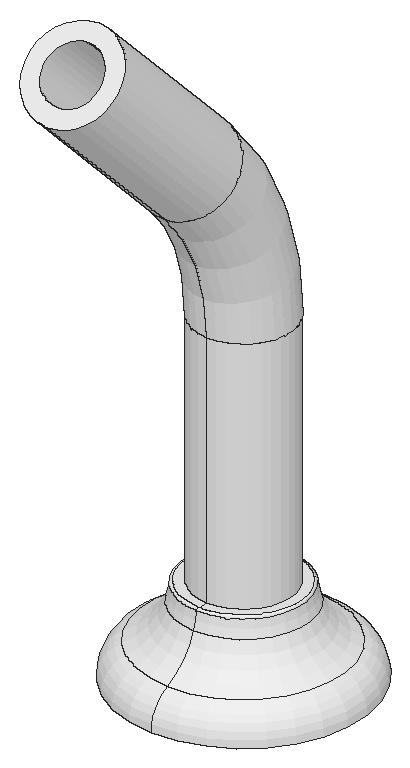
Revit family "xShower_Arm-American_Standard-Standard-1660.240", category Plumbing Fixtures, host Face, Revit 2014
Parameters (values of type "1660.240")
  Width = 2"
  Water Connection Radius = 1/4"
  Water Connection Diameter = 1/2"
  Waste Connection = no
  Warranty Information = "One Year Limited Warranty"  # constant formula
  WFU = 4
  Vent Connection = no
  URL = "https://www.americanstandard-us.com/"
  Type Comments = ""
  Product Page URL = "https://www.americanstandard-us.com/bathroom/shower-faucets/standard-shower-arm-16992"
  Product Documentation Link = "https://www.americanstandard-us.com/-/media/sites/asus/files/product-specs/bulk/specsheet1660240.pdf?la=en"
  Price = "Prices may vary. Please consult Manufacturer Representative for most up-to-date price list."  # constant formula
  Model = "1660.240"
  Material = "Brass-American Standard-002-Polished Chrome"
  Manufacturer = "American Standard"
  Length = 5 1/2"
  Installation Type = "Wall Mounted"  # constant formula
  HWFU = 3
  HW Connection = yes
  Finish = Brass-American Standard-002-Polished Chrome
  Description = "Standard Shower Arm"  # constant formula
  Default Elevation = 78"  # constant formula
  Creation Date = "01/25/2018"  # constant formula
  CWFU = 3
  CW Connection = yes
  Assembly Code = "D2010700"
Reference planes (in)
  plane 1 "Center (Front/Back)": y = 0
  plane 2: z = 0
  plane 3 "Center (Left/Right)": x = 0
  plane 4: z = 5.5
  plane 5: y = 0.25
  plane 6: y = -0.25
  plane 7: y = -1
  plane 8: y = 1
  plane 9: through (0, -1.85629, 5.5) normal (0, -0.7071, -0.7071)
Forms (in)
  Revolve 1, solid, material "Brass-American Standard-002-Polished Chrome" <- "Finish"
    sketch origin (0, 0, 0) x (0, 1, 0) y (0, 0, 1)
      loop
        line (0, 0) -> (0, 0.75) -> (-0.48483, 0.75)
        arc (-0.48483, 0.75) -> (-0.49942, 0.74433) -> (-0.50634, 0.7303) r 0.02158
        arc (-0.50634, 0.7303) -> (-0.5173, 0.65907) -> (-0.53747, 0.58989) r 0.55068
        arc (-0.53747, 0.58989) -> (-0.65105, 0.40544) -> (-0.82819, 0.28075) r 0.53787
        arc (-0.82819, 0.28075) -> (-0.95837, 0.16747) -> (-1, 0) r 0.28687
        line (-1, 0) -> (0, 0)
      axis (0, 0.75) -> (0, 0)
    angle from 0 to 360
  Sweep 2, solid, material "Brass-American Standard-002-Polished Chrome" <- "Finish"
    path origin (0, 0, 0) x (0, 1, 0) y (0, 0, 1)
      loop
        line (0, 0) -> (0, 2.81528)
        arc (0, 2.81528) -> (-0.15224, 3.58065) -> (-0.58579, 4.22949) r 2
        line (-0.58579, 4.22949) -> (-1.85629, 5.5)
    profile origin (0, 0, 1.40764) x (0, -1, 0) y (1, 0, 0)
      loop
        circle (0, 0) r 0.4
      loop
        circle (0, 0) r 0.25
Cuts and joins
  joined: Revolve 1, Sweep 2
Lines and regions (in)
  Masking region 1
    outline origin (0, 0, 0) x (1, 0, 0) y (0, 0, 1)
      loop
        spline (0.4, 5.5) -> (0.38637, 5.57321) -> (0.34641, 5.64142) -> (0.28284, 5.7) -> (0.2, 5.74495) -> (0.10353, 5.77321) -> (0, 5.78284) -> (-0.10353, 5.77321) -> (-0.2, 5.74495) -> (-0.28284, 5.7) -> (-0.34641, 5.64142) -> (-0.38637, 5.57321) -> (-0.4, 5.5)
        line (-0.4, 5.5) -> (-0.4, 0.75) -> (-0.50497, 0.75)
        arc (-0.50497, 0.75) -> (-0.57526, 0.50985) -> (-0.74317, 0.32431) r 0.5598
        arc (-0.74317, 0.32431) -> (-0.83892, 0.27469) -> (-0.91845, 0.20185) r 0.41061
        arc (-0.91845, 0.20185) -> (-0.97518, 0.10737) -> (-1, 0) r 0.35286
        line (-1, 0) -> (1, 0)
        arc (1, 0) -> (0.97518, 0.10737) -> (0.91845, 0.20185) r 0.35286
        arc (0.91845, 0.20185) -> (0.83892, 0.27469) -> (0.74317, 0.32431) r 0.41061
        arc (0.74317, 0.32431) -> (0.57526, 0.50985) -> (0.50497, 0.75) r 0.5598
        line (0.50497, 0.75) -> (0.4, 0.75) -> (0.4, 5.5)
  symbolic lines, detail levels medium+fine
    curve 1: line (0.4, 0, 0.75) -> (-0.4, 0, 0.75)
  symbolic lines, detail levels fine
    curve 2: line (0.74317, 0, 0.32431) -> (-0.75683, 0, 0.32431)
    curve 3: line (-0.91845, 0, 0.20185) -> (0.91845, 0, 0.20185)
Dimensions and locks (in)
  "Length": plane 2 to plane 4
  "Width": plane 8 to plane 7
  aligned and locked: plane 2 to host face
  aligned and locked: level to host face
  aligned and locked: Revolve 1 sketch curve to plane 1 "Center (Front/Back)"
Automatic sketch dimensions
  host sketch curve to host sketch curve = 96"  (x2)
  plane 4 to Sweep 2 sketch curve = 0"
  plane 9 to Sweep 2 sketch curve = 0"  (x2)
  Sweep 2 sketch curve to plane 1 "Center (Front/Back)" = 0"
  Sweep 2 sketch curve to level = 0"
  plane 7 to Sweep 2 sketch curve = 1"
  plane 6 to Sweep 2 sketch curve = 0.33579"
  Masking region 1 sketch curve to level = 0"
  Masking region 1 sketch curve to plane 4 = 0"
  Masking region 1 sketch curve to plane 3 "Center (Left/Right)" = 0"
  Masking region 1 sketch curve to Masking region 1 sketch curve = 0.4"
  Masking region 1 sketch curve to Masking region 1 sketch curve = 0.10497"  (x2)
  Masking region 1 sketch curve to level = 0.06191"  (x2)
  Masking region 1 sketch curve to plane 3 "Center (Left/Right)" = 0.60375"
  Masking region 1 sketch curve to level = 0.02481"  (x2)
  Masking region 1 sketch curve to Masking region 1 sketch curve = 0.04426"  (x2)
  Masking region 1 sketch curve to Masking region 1 sketch curve = 0.55881"  (x2)
  plane 3 "Center (Left/Right)" to Masking region 1 sketch curve = 0.60375"
  Masking region 1 sketch curve to Masking region 1 sketch curve = 0.35199"
  Masking region 1 sketch curve to Masking region 1 sketch curve = 0.54815"
  level to Masking region 1 sketch curve = 3/4"
  Masking region 1 sketch curve to Masking region 1 sketch curve = 0.0332"  (x2)
  level to Masking region 1 sketch curve = 0.32431"
  Masking region 1 sketch curve to Masking region 1 sketch curve = 0"
  Masking region 1 sketch curve to Masking region 1 sketch curve = 0.17528"
  level to curve 3 = 0.20185"
  curve 3 to plane 3 "Center (Left/Right)" = 0.91845"
  curve 3 to curve 2 = 0.16162"
  curve 1 to plane 3 "Center (Left/Right)" = 0.4"
  plane 3 "Center (Left/Right)" to curve 1 = 0.4"
  curve 1 to curve 2 = 0.34317"
  curve 2 to curve 3 = 0.17528"
  curve 3 to curve 2 = 0.12246"
  curve 2 to curve 1 = 0.42569"
  Revolve 1 sketch curve to level = 0"
  Revolve 1 sketch curve to plane 7 = 0"
  Revolve 1 sketch curve to plane 1 "Center (Front/Back)" = 0"
  plane 7 to Revolve 1 sketch curve = 0.04288"
  Revolve 1 sketch curve to Revolve 1 sketch curve = 0.01204"
  level to Revolve 1 sketch curve = 0.01773"
  Revolve 1 sketch curve to plane 7 = 0.28632"
  plane 6 to Revolve 1 sketch curve = 0.23483"
  level to Revolve 1 sketch curve = 0.72842"
  Revolve 1 sketch curve to Revolve 1 sketch curve = 0.02158"
  Revolve 1 sketch curve to Revolve 1 sketch curve = 0.02391"
  Revolve 1 sketch curve to Revolve 1 sketch curve = 0.00438"
  Revolve 1 sketch curve to Revolve 1 sketch curve = 0"  (x2)
  Revolve 1 sketch curve to level = 0.41882"
  Revolve 1 sketch curve to Revolve 1 sketch curve = 1.13483"
  Sweep 2 sketch curve to Sweep 2 sketch curve = 0"  (x2)
  Sweep 2 sketch curve to plane 3 "Center (Left/Right)" = 0"
  Sweep 2 sketch curve to profile plane = 0"
  radius of Sweep 2 sketch curve = 0.4"
  radius of Sweep 2 sketch curve = 1/4"
Connectors (in)
  piping at (0, 0, 0), diameter 0.5, driven by "Water Connection Diameter"
    settings: on cut or joined group of Revolve 1, Sweep 2, index 1, connector inside diameter 24", connector length 0", flow factor 0, pipe flow 0 GPM, pressure drop 0.00 psi, fitting loss kfactor 0, connector angle 0.00°, fixture units 0, engagement length 0", angle of deflection 0.00°, flow configuration 0, flow direction 1, fitting loss method 0, system type 29, joint type 0, gender type 0, connector reference index -1, connector utility 0, adjustable connector no, is connector primary yes, connector description "1/2\" NPT Supply Inlet"
